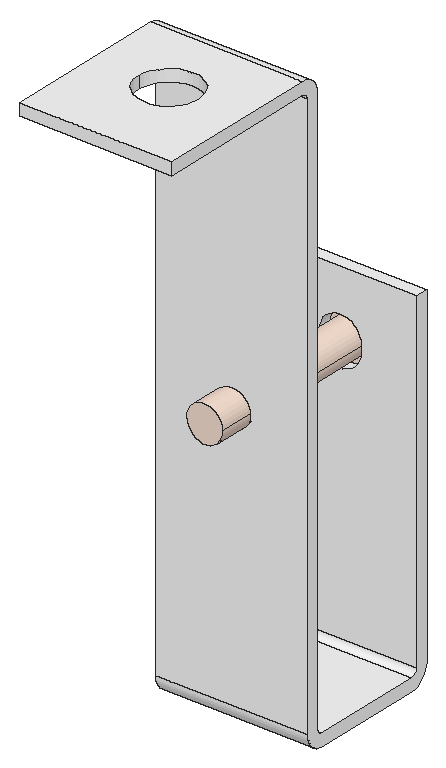
Revit family "40×20ビス付ハンガー(外折れ)", category 機械設備, Revit 2020
Family settings
  丸型コネクタ寸法 = 直径を使用
  種別 = なし
  パーツ タイプ = 標準
  作業面ベース = いいえ
  常に垂直 = はい
  ロード時にボイドで切り取り = いいえ
  共有 = いいえ
  部屋計算ポイント = いいえ
Parameters
  製造元 = "株式会社桐井製作所"
  既定の高さ = 0 mm
  URL = "https://www.kirii.co.jp/"
  K_材質 = "SGHC　一般用"
  K_品名 = "40×20ビス付ハンガー(外折れ)"
  K_名称 = "その他ハンガー"
  K_入数 = "200"
  K_バージョン情報 = "20211012"
  K_めっき付着量 = "Z12"
  K_JIS規格 = "JIS G 3302"
Reference planes
  plane 1 "中心(正面/背面)": y = 0
  plane 2: z = 0
  plane 3 "中心(左/右)": x = 0
  plane 4: x = 12.5
  plane 5: x = -12.5
Forms (mm)
  Extrusion 1, void
    sketch origin (0, 45.021, -44.6) x (1, 0, 0) y (0, 1, 0)
      loop
        circle (0, -60.022) r 5
    from 140.6 to 142.6
  Extrusion 2, solid
    sketch origin (2.5, 0, 0) x (0, 1, 0) y (0, 0, 1)
      loop
        line (0, 1) -> (0, 95)
        arc (0, 95) -> (-0.879, 97.121) -> (-3, 98) r 3
        line (-3, 98) -> (-30, 98) -> (-30, 96) -> (-3, 96)
        arc (-3, 96) -> (-2.293, 95.707) -> (-2, 95) r 1
        line (-2, 95) -> (-2, 1)
        arc (-2, 1) -> (-1.121, -1.121) -> (1, -2) r 3
        line (1, -2) -> (19.5, -2)
        arc (19.5, -2) -> (21.621, -1.121) -> (22.5, 1) r 3
        line (22.5, 1) -> (22.5, 56) -> (20.5, 56) -> (20.5, 1)
        arc (20.5, 1) -> (20.207, 0.293) -> (19.5, 0) r 1
        line (19.5, 0) -> (1, 0)
        arc (1, 0) -> (0.293, 0.293) -> (0, 1) r 1
    from -15 to 10
  Extrusion 3, void
    sketch origin (0, 0, 0) x (1, 0, 0) y (0, 0, 1)
      loop
        circle (0, 45) r 3
    from 0 to 2
  Extrusion 4, void
    sketch origin (0, 0, 0) x (1, 0, 0) y (0, 0, 1)
      loop
        arc (-3.5, 44.487) -> (0, 40.987) -> (3.5, 44.487) r 3.5
        line (3.5, 44.487) -> (3.5, 45.5)
        arc (3.5, 45.5) -> (0, 49) -> (-3.5, 45.5) r 3.5
        line (-3.5, 45.5) -> (-3.5, 44.487)
    from -22.5 to -20.5
Cuts and joins
  Extrusion 1, Extrusion 3, Extrusion 4 cuts Extrusion 2
Dimensions and locks
  aligned and locked: level to plane 2
Nested families
  nested 1: "M6×30ボルト" at (-0.011, 22.5, 45.2) x (-1, 0, 0) z (0, 0, 1), type "M6×30ボルト"
Definition of nested family "M6×30ボルト"
  Parameters (values of type "M6×30ボルト")
    Manufacturer = "株式会社桐井製作所"
    Default Elevation = 0 mm
    URL = "https://www.kirii.co.jp/"
    K_名称 = "M6×30ボルト"
  Reference planes
    plane 1 "中心(正面/背面)": y = 0
    plane 2: z = 0
    plane 3 "中心(左/右)": x = 0
    plane 4 "正面": y = -4
  Forms (mm)
    Extrusion 1, solid
      sketch origin (0, 0, 0) x (1, 0, 0) y (0, 0, 1)
        loop
          line (-4.763, -2.946) -> (0, -5.696) -> (4.763, -2.946) -> (4.763, 2.554) -> (0, 5.304) -> (-4.763, 2.554) -> (-4.763, -2.946)
      from 0 to 4
    Extrusion 2, void
      sketch origin (0, -4, 0) x (-1, 0, 0) y (0, 0, 1)
        loop
          circle (0, -0.156) r 4.396
      from 0 to 1
    Extrusion 3, void
      sketch origin (0, -4, 0) x (-1, 0, 0) y (0, 0, 1)
        loop
          arc (-0.6, 1.814) -> (-1.069, 0.856) -> (-2.036, 0.404) r 1.605
          line (-2.036, 0.404) -> (-2.939, 0.404)
          arc (-2.939, 0.404) -> (-3, -0.195) -> (-2.94, -0.795) r 3
          line (-2.94, -0.795) -> (-2.049, -0.795)
          arc (-2.049, -0.795) -> (-1.074, -1.243) -> (-0.6, -2.206) r 1.605
          line (-0.6, -2.206) -> (-0.6, -3.135)
          arc (-0.6, -3.135) -> (0, -3.196) -> (0.6, -3.135) r 3
          line (0.6, -3.135) -> (0.6, -2.206)
          arc (0.6, -2.206) -> (1.074, -1.243) -> (2.049, -0.795) r 1.605
          line (2.049, -0.795) -> (2.94, -0.795)
          arc (2.94, -0.795) -> (3, -0.198) -> (2.941, 0.398) r 3
          line (2.941, 0.398) -> (2.117, 0.398)
          arc (2.117, 0.398) -> (1.098, 0.828) -> (0.6, 1.814) r 1.605
          line (0.6, 1.814) -> (0.6, 2.743)
          arc (0.6, 2.743) -> (0, 2.804) -> (-0.6, 2.743) r 3
          line (-0.6, 2.743) -> (-0.6, 1.814)
      from 0 to 2
    Extrusion 4, solid
      sketch origin (0, 0, 0) x (1, 0, 0) y (0, 0, 1)
        loop
          circle (-0.011, -0.2) r 3
      from 0 to -30
  Cuts and joins
    Extrusion 2, Extrusion 3 cuts Extrusion 1
    joined: Extrusion 1, Extrusion 4
  Dimensions and locks
    aligned and locked: level to plane 2
